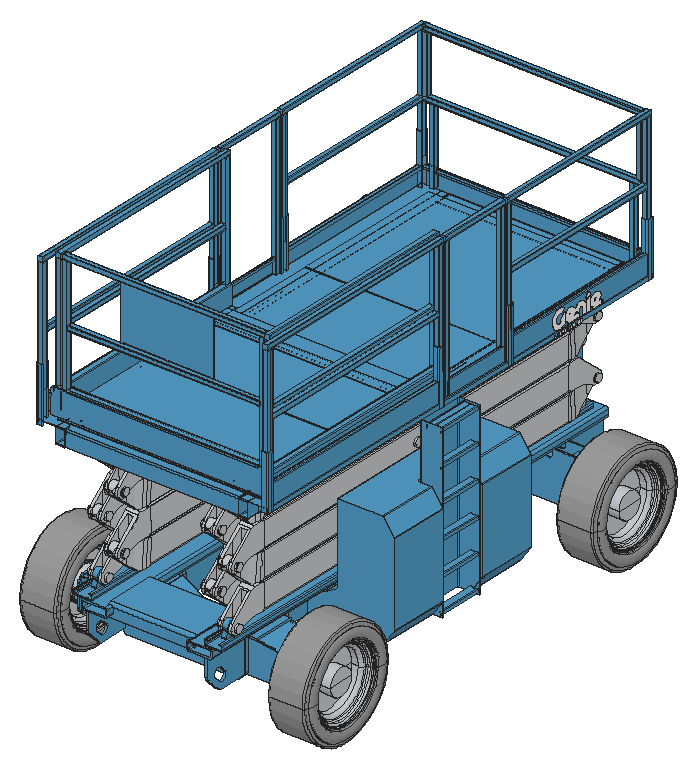
Revit family "Genie_Site_ScissorLift_GS4390_000", category Site, Revit 2017 (continued)
Definition of nested family "Basket"
  Forms (mm)
    Extrusion 35, solid
      sketch origin (1285.124, 1159.9, 208.337) x (0, 1, 0) y (0, 0, -1)
        loop
          line (-139.199, 93.75) -> (-143.388, 93.75)
          arc (-143.388, 93.75) -> (-143.755, 92.73) -> (-143.942, 91.663) r 6.308
          line (-143.942, 91.663) -> (-144.292, 87.654)
          arc (-144.292, 87.654) -> (-145.519, 85.165) -> (-148.105, 84.16) r 3.827
          line (-148.105, 84.16) -> (-156.052, 84.16) -> (-156.052, 93.75) -> (-159.71, 93.75) -> (-159.71, 70.715) -> (-146.983, 70.715)
        loop
          line (-156.052, 73.568) -> (-147.871, 73.568)
          arc (-147.871, 73.568) -> (-143.934, 77.506) -> (-147.871, 81.443) r 3.937
          line (-147.871, 81.443) -> (-156.052, 81.443) -> (-156.052, 73.568)
        loop
          arc (-38.744, 70.715) -> (-32.393, 75.235) -> (-34.582, 82.716) r 6.722
          arc (-34.582, 82.716) -> (-33.1, 84.837) -> (-32.431, 87.337) r 7.464
          line (-32.431, 87.337) -> (-32.115, 90.955)
          arc (-32.115, 90.955) -> (-31.752, 92.441) -> (-30.961, 93.75) r 5.046
          line (-30.961, 93.75) -> (-35.149, 93.75)
          arc (-35.149, 93.75) -> (-35.516, 92.73) -> (-35.703, 91.663) r 6.308
          line (-35.703, 91.663) -> (-36.054, 87.654)
          arc (-36.054, 87.654) -> (-37.281, 85.165) -> (-39.867, 84.16) r 3.827
          line (-39.867, 84.16) -> (-47.813, 84.16) -> (-47.813, 93.75) -> (-51.472, 93.75) -> (-51.472, 70.715) -> (-38.744, 70.715)
        loop
          line (-47.813, 73.568) -> (-39.633, 73.568)
          arc (-39.633, 73.568) -> (-35.695, 77.506) -> (-39.633, 81.443) r 3.937
          line (-39.633, 81.443) -> (-47.813, 81.443) -> (-47.813, 73.568)
      from 368.357 to 370.5
  Lines and regions (mm)
    sketch lines
      curve 1: line (-869.95, -164.144, 1301.249) -> (-869.95, -1897.694, 1301.249)
      curve 2: line (-869.95, -138.744, 1299.725) -> (-869.95, 448.758, 1299.725)
      curve 3: line (-871.22, 1895.034, 1301.386) -> (-871.22, 475.682, 1301.386)
      curve 4: line (909.32, -164.144, 1301.249) -> (909.32, -1897.694, 1301.249)
      curve 5: line (908.05, 448.758, 1299.725) -> (908.05, -138.744, 1299.725)
      curve 6: line (906.272, 1895.034, 1301.386) -> (906.272, 475.682, 1301.386)
      curve 7: line (-865.124, 1891.478, 1298.846) -> (862.076, 1891.478, 1298.846)
      curve 8: line (909.32, -1894.392, 364.751) -> (909.32, -1894.392, 1266.451)
      curve 9: line (-869.95, -135.442, 167.901) -> (-869.95, -135.442, 1266.451)
      curve 10: line (-869.95, -202.244, 793.249) -> (-869.95, -1859.594, 793.249)
      curve 11: line (906.272, 1856.934, 793.386) -> (906.272, 513.782, 793.386)
      curve 12: line (862.076, 1853.378, 803.546) -> (-865.124, 1853.378, 803.546)
      curve 13: line (823.976, 1888.176, 1264.048) -> (823.976, 1888.176, 806.848)
      curve 14: line (-808.482, 1891.478, 171.848) -> (-808.482, 1891.478, 768.748)
      curve 15: line (800.471, 608.169, 152.153) -> (800.471, 608.169, 155.328)
      curve 16: line (-910.707, -119.694, 167.901) -> (-910.707, 429.708, 167.901)
      curve 17: line (755.904, -1906.33, 22.496) -> (755.904, 1903.67, 22.496)
      curve 18: line (-425.78, -1896.881, 58.158) -> (-425.78, -544.331, 58.158)
      curve 19: line (-575.107, 541.672, 58.158) -> (-575.107, 1894.222, 58.158)
      curve 20: line (-794.004, 1906.327, 149.699) -> (-794.004, 1903.67, 149.699)
  Dimensions and locks
    locked: plane 6 to level at 85.996
    aligned and locked: plane 2 to Extrusion 1
    aligned and locked: level to Extrusion 1
Definition of nested family "Scissor"
  Parameters (values of type "Scissor")
    Grey = none
    C = 3560 mm  # constant formula
    A = sqrt(C ^ 2 - B ^ 2)  # 3554.378 mm
    Height = 800 mm
    B = Height / 4  # 200 mm
    Default Elevation = 1219.2 mm
  Reference planes
    plane 1 "Center (Front/Back)": y = 0
    plane 2: z = 0
    plane 3 "Center (Left/Right)": x = 0
    plane 4: x = -514.35
    plane 5: x = -384.175
    plane 6: x = 514.35
    plane 7: x = 384.175
    plane 8: y = 1777.189
    plane 9: y = -1777.189
    plane 10: z = 200
    plane 11: z = 400
    plane 12: z = 600
    plane 13: z = 800
    plane 14: z = 0
  Forms (mm)
    Extrusion 1, solid
      sketch origin (0, 0, 0) x (1, 0, 0) y (0, 1, 0)
        loop
          line (-1219.2, 1219.2) -> (-1219.2, -1219.2) -> (1219.2, -1219.2) -> (1219.2, 1219.2) -> (-1219.2, 1219.2)
      from 0 to -304.8
  Lines and regions (mm)
    reference lines
      curve 1: line (0, 1777.189, 0) -> (0, -1777.189, 200)
      curve 2: line (0, 1777.189, 400) -> (0, -1777.189, 600)
      curve 3: line (0, 1777.189, 800) -> (0, -1777.189, 600)
      curve 4: line (0, 1777.189, 400) -> (0, -1777.189, 200)
      curve 5: line (0, 1777.189, 0) -> (0, 1794.043, 299.526)
      curve 6: line (0, 1777.189, 400) -> (0, 1797.622, 763.139)
      curve 7: line (0, -1777.189, 200) -> (0, -1760.335, -99.526)
      curve 8: line (0, 1777.189, 800) -> (0, 1758.369, 1134.471)
      curve 9: line (0, 1777.189, 600) -> (0, -1777.189, 800)
      curve 10: line (0, -1777.189, 400) -> (0, 1777.189, 200)
      curve 11: line (0, 1777.189, 600) -> (0, -1777.189, 400)
      curve 12: line (0, 1777.189, 200) -> (0, -1777.189, 0)
      curve 13: line (0, -1777.189, 0) -> (0, -1798.537, 379.4)
      curve 14: line (0, -1777.189, 400) -> (0, -1805.279, 899.21)
      curve 15: line (0, 1777.189, 200) -> (0, 1798.537, 579.4)
      curve 16: line (0, -1777.189, 800) -> (0, -1759.211, 1119.495)
  Dimensions and locks
    equal spacing: plane 8, plane 1 "Center (Front/Back)", plane 9
    "A": plane 8 to plane 9
    "B": plane 11 to plane 10
    "B": plane 12 to plane 11
    locked: plane 14 to level at 0
    "B": plane 10 to plane 14
    "Height": plane 13 to plane 14
    locked: curve 1 to curve 5 (angle 90.00°)
    locked: curve 2 to curve 6 (angle 90.00°)
    locked: curve 4 to curve 7 (angle 90.00°)
    locked: curve 3 to curve 8 (angle 90.00°)
    locked: curve 13 to curve 12 (angle 90.00°)
    locked: curve 14 to curve 11 (angle 90.00°)
    locked: curve 10 to curve 15 (angle 90.00°)
    locked: curve 16 to curve 9 (angle 90.00°)
    aligned and locked: plane 2 to Extrusion 1
    aligned and locked: level to Extrusion 1
    aligned and locked: plane 10 to curve 1
    aligned and locked: plane 9 to curve 1
    aligned and locked: plane 8 to curve 1
    aligned and locked: plane 9 to curve 2
    aligned and locked: plane 8 to curve 3
    aligned and locked: plane 12 to curve 3
    aligned and locked: plane 8 to curve 4
    aligned and locked: nested 1 to plane 4
    aligned and locked: plane 14 to curve 5
    aligned and locked: nested 1 to curve 5
    aligned and locked: plane 11 to curve 6
    aligned and locked: nested 2 to curve 6
    aligned and locked: plane 13 to curve 8
    aligned and locked: nested 3 to curve 8
    aligned and locked: nested 4 to curve 7
    aligned and locked: nested 3 to plane 4
    aligned and locked: nested 4 to plane 4
    aligned and locked: plane 8 to curve 9
    aligned and locked: plane 12 to curve 9
    aligned and locked: plane 13 to curve 9
    aligned and locked: plane 11 to curve 11
    aligned and locked: plane 9 to curve 11
    aligned and locked: plane 14 to curve 12
    aligned and locked: plane 10 to curve 12
    aligned and locked: plane 9 to curve 13
    aligned and locked: nested 9 to curve 13
    aligned and locked: nested 10 to curve 14
    aligned and locked: plane 8 to curve 15
    aligned and locked: nested 11 to curve 15
    aligned and locked: plane 9 to curve 16
    aligned and locked: nested 12 to curve 16
    aligned and locked: nested 12 to plane 5
    aligned and locked: nested 11 to plane 5
    aligned and locked: nested 10 to plane 5
    aligned and locked: nested 9 to plane 5
  Automatic sketch dimensions
    Extrusion 1 sketch curve to Extrusion 1 sketch curve = 2438.4 mm  (x2)
  Nested families
    nested 1: "Part" at (-514.35, 0, 100) x (-1, 0, 0) z (0, -0.0562, -0.9984), type "Part"
    nested 2: "Part" at (-514.35, 0, 500) x (-1, 0, 0) z (0, -0.0562, -0.9984), type "Part"
    nested 3: "Part" at (-514.35, 0, 700) x (1, 0, 0) z (0, 0.0562, -0.9984), type "Part"
    nested 4: "Part" at (-514.35, 0, 300) x (1, 0, 0) z (0, 0.0562, -0.9984), type "Part"
    nested 5: "Part" at (514.35, 0, 100) x (1, 0, 0) z (0, -0.0562, -0.9984), type "Part"
    nested 6: "Part" at (514.35, 0, 500) x (1, 0, 0) z (0, -0.0562, -0.9984), type "Part"
    nested 7: "Part" at (514.35, 0, 700) x (-1, 0, 0) z (0, 0.0562, -0.9984), type "Part"
    nested 8: "Part" at (514.35, 0, 300) x (-1, 0, 0) z (0, 0.0562, -0.9984), type "Part"
    nested 9: "Part" at (-384.175, 0, 100) x (1, 0, 0) z (0, 0.0562, -0.9984), type "Part"
    nested 10: "Part" at (-384.175, 0, 500) x (1, 0, 0) z (0, 0.0562, -0.9984), type "Part"
    nested 11: "Part" at (-384.175, 0, 300) x (-1, 0, 0) z (0, -0.0562, -0.9984), type "Part"
    nested 12: "Part" at (-384.175, 0, 700) x (-1, 0, 0) z (0, -0.0562, -0.9984), type "Part"
    nested 13: "Part" at (384.175, 0, 100) x (-1, 0, 0) z (0, 0.0562, -0.9984), type "Part"
    nested 14: "Part" at (384.175, 0, 500) x (-1, 0, 0) z (0, 0.0562, -0.9984), type "Part"
    nested 15: "Part" at (384.175, 0, 300) x (1, 0, 0) z (0, -0.0562, -0.9984), type "Part"
    nested 16: "Part" at (384.175, 0, 700) x (1, 0, 0) z (0, -0.0562, -0.9984), type "Part"
  Definition of nested family "Part"
    Parameters (values of type "Part")
      Grey = none
      Default Elevation = 1219.2 mm
    Reference planes
      plane 1 "Center (Front/Back)": y = 0
      plane 2: z = 0
      plane 3 "Center (Left/Right)": x = 0
      plane 4: y = -1780
      plane 5: y = 1780
    Forms (mm)
      Extrusion 1, solid
        sketch origin (0, 0, 0) x (1, 0, 0) y (0, 1, 0)
          loop
            line (-1219.2, 1219.2) -> (-1219.2, -1219.2) -> (1219.2, -1219.2) -> (1219.2, 1219.2) -> (-1219.2, 1219.2)
        from 0 to -304.8
      Sweep 2, solid, material <- "Grey"
        path in 3D
          loop
            line (50.8, -1507.659, 185.991) -> (50.8, 1519.065, 2.976)
        profile origin (50.8, 5.703, 94.484) x (0, 0.060356, 0.998177) y (1, 0, 0)
          loop
            arc (-188.976, 0) -> (-194.005, -2.083) -> (-196.088, -7.112) r 7.112
            line (-196.088, -7.112) -> (-196.088, -94.488)
            arc (-196.088, -94.488) -> (-194.005, -99.517) -> (-188.976, -101.6) r 7.112
            line (-188.976, -101.6) -> (0, -101.6)
            arc (0, -101.6) -> (5.029, -99.517) -> (7.112, -94.488) r 7.112
            line (7.112, -94.488) -> (7.112, -7.112)
            arc (7.112, -7.112) -> (5.029, -2.083) -> (0, 0) r 7.112
            line (0, 0) -> (-188.976, 0)
      Extrusion 3, solid, material <- "Grey"
        sketch origin (0, 0, 0) x (0, 1, 0) y (0, 0, 1)
          loop
            arc (-1811.786, 40.344) -> (-1824.068, -28.571) -> (-1755.934, -44.631) r 50.921
            arc (-1755.934, -44.631) -> (-1735.588, -33.853) -> (-1714.459, -24.703) r 293.557
            arc (-1714.459, -24.703) -> (-1653.638, -8.394) -> (-1590.738, -5.431) r 293.557
            line (-1590.738, -5.431) -> (-1527.354, -9.264)
            arc (-1527.354, -9.264) -> (-1525.226, -4.894) -> (-1520.632, -3.309) r 6.35
            line (-1520.632, -3.309) -> (-1509.096, -4.006) -> (-1497.598, 186.147) -> (-1509.134, 186.844)
            arc (-1509.134, 186.844) -> (-1513.504, 188.972) -> (-1515.089, 193.566) r 6.35
            line (-1515.089, 193.566) -> (-1582.277, 197.628)
            arc (-1582.277, 197.628) -> (-1599.964, 195.571) -> (-1615.855, 187.537) r 50.8
            line (-1615.855, 187.537) -> (-1811.786, 40.344)
          loop
            arc (1811.786, -40.008) -> (1823.831, 28.446) -> (1756.225, 44.578) r 50.692
            arc (1756.225, 44.578) -> (1737.692, 34.794) -> (1718.514, 26.343) r 296.463
            arc (1718.514, 26.343) -> (1655.762, 8.997) -> (1590.738, 5.768) r 296.463
            line (1590.738, 5.768) -> (1527.354, 9.6)
            arc (1527.354, 9.6) -> (1525.226, 5.231) -> (1520.632, 3.645) r 6.35
            line (1520.632, 3.645) -> (1509.096, 4.343) -> (1497.598, -185.81) -> (1509.134, -186.508)
            arc (1509.134, -186.508) -> (1513.504, -188.635) -> (1515.089, -193.229) r 6.35
            line (1515.089, -193.229) -> (1582.277, -197.292)
            arc (1582.277, -197.292) -> (1599.964, -195.235) -> (1615.855, -187.2) r 50.8
            line (1615.855, -187.2) -> (1811.786, -40.008)
        from -51 to 51
      Extrusion 4, void
        sketch origin (0, 0, 0) x (1, 0, 0) y (0, 1, 0)
          loop
            arc (-25.4, -1711.371) -> (-30.584, -1638.167) -> (-46.034, -1566.425) r 519.407
            arc (-46.034, -1566.425) -> (-49.752, -1549.159) -> (-51, -1531.542) r 125
            line (-51, -1531.542) -> (-51, -1832.437) -> (51, -1832.437) -> (51, -1531.542)
            arc (51, -1531.542) -> (49.752, -1549.159) -> (46.034, -1566.425) r 125
            arc (46.034, -1566.425) -> (30.584, -1638.167) -> (25.4, -1711.371) r 519.407
            line (25.4, -1711.371) -> (25.4, -1821.937)
            arc (25.4, -1821.937) -> (22.471, -1829.008) -> (15.4, -1831.937) r 10
            line (15.4, -1831.937) -> (-15.4, -1831.937)
            arc (-15.4, -1831.937) -> (-22.471, -1829.008) -> (-25.4, -1821.937) r 10
            line (-25.4, -1821.937) -> (-25.4, -1711.371)
          loop
            line (-31.75, 1840) -> (-31.75, 1716.533)
            arc (-31.75, 1716.533) -> (-30.421, 1672.521) -> (-26.44, 1628.67) r 729.53
            line (-26.44, 1628.67) -> (26.44, 1628.67)
            arc (26.44, 1628.67) -> (30.421, 1672.521) -> (31.75, 1716.533) r 729.53
            line (31.75, 1716.533) -> (31.75, 1840) -> (-31.75, 1840)
        from -194.86 to 213.606
      Extrusion 5, solid, material <- "Grey"
        sketch origin (0, 0, 0) x (0, 1, 0) y (0, 0, 1)
          loop
            circle (-1780, 0) r 30
          loop
            circle (0, 0) r 30
          loop
            circle (1780, 0) r 30
        from -75 to 75
    Cuts and joins
      Extrusion 4 cuts Extrusion 3
    Lines and regions (mm)
      sketch lines
        curve 1: line (50.8, -1507.659, 185.991) -> (50.8, 1519.065, 2.976)
    Dimensions and locks
      plane 1 "Center (Front/Back)" to plane 4 = 1780 mm
      plane 5 to plane 1 "Center (Front/Back)" = 1780 mm
      aligned and locked: plane 2 to Extrusion 1
      aligned and locked: level to Extrusion 1
